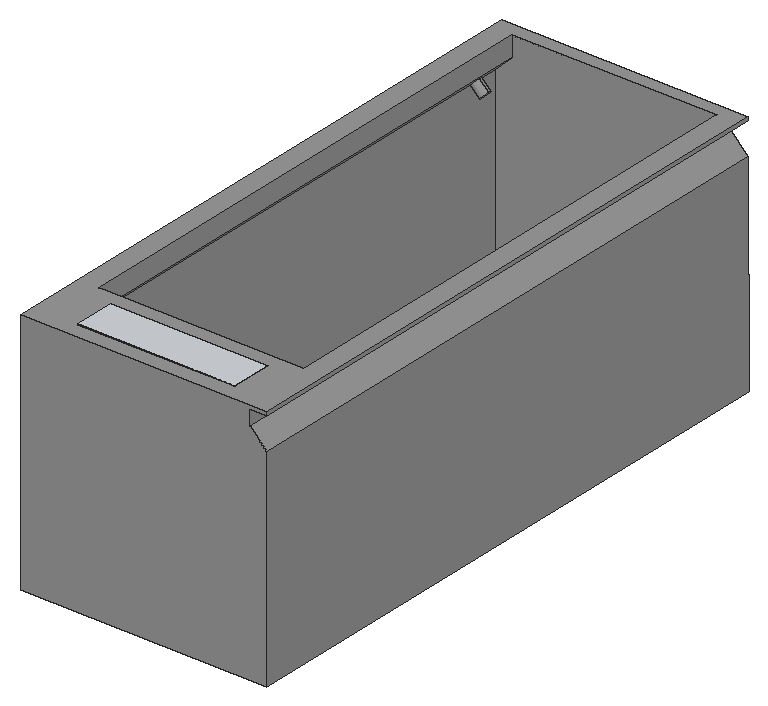
Revit family "Shower_Cabinet-Willoughby-US-3636-FA-L", category Plumbing Fixtures, Revit 2015
Parameters (values of type "Standard")
  Waste Radius = Waste DIA / 2  # 1"
  Waste DIA = 2"
  Waste Connection = yes
  Vent Connection = no
  URL = "https://www.willoughby-ind.com/wp-content/uploads/2018/01/US-3636-FA.pdf"
  Revision = "A"
  Model = "US-3636-FA-L"
  Manufacturer = "Willoughby Industries"
  HW Connection = no
  HCW Inlet RAD = HCW Inlet DIA / 2  # 1/4"
  HCW Inlet DIA = 1/2"
  HCW Connection = yes
  Fixture Body = Stainless Steel AISI 304-Willoughby
  Description = "US 36\" X 36\" Cabinet Shower Front Access, Left Hand"
  Default Elevation = 0' - 0"
  Contact info = "(800) 428-4065"
  CW Connection = no
Reference planes (in)
  plane 1 "Center (Front/Back)": y = 0
  plane 2: z = 0
  plane 3 "Center (Left/Right)": x = 0
  plane 4: y = 88
  plane 5: x = -18
  plane 6: x = 18
  plane 7: z = 36
  plane 8: z = 18
  plane 9 "Waste Height": y = 6.5
Forms (in)
  Extrusion 1, solid, material "Stainless Steel AISI 304-Willoughby" <- "Fixture Body"
    sketch origin (0, 0, 0) x (1, 0, 0) y (0, 0, 1)
      loop
        line (-18, 0) -> (18, 0) -> (18, 30.70711) -> (15.5, 33.20711) -> (15.5, 35.5) -> (18, 35.5) -> (18, 36) -> (-18, 36) -> (-18, 0)
    from 0 to -88
  Extrusion 2, void, detail levels fine
    sketch origin (0, 0, 0) x (1, 0, 0) y (0, 0, 1)
      loop
        line (17.5, 0.5) -> (17.5, 30.5) -> (15, 33) -> (15, 36) -> (-15, 36) -> (-15, 33) -> (-17.5, 30.5) -> (-17.5, 0.5) -> (17.5, 0.5)
    from -10.5 to -86
  Extrusion 3, void, detail levels fine
    sketch origin (0, 0, 0) x (1, 0, 0) y (0, 0, 1)
      loop
        line (17.5, 0.5) -> (17.5, 30.5) -> (15, 33) -> (-15, 33) -> (-17.5, 30.5) -> (-17.5, 0.5) -> (17.5, 0.5)
    from -9 to -10.5
  Extrusion 4, void, detail levels fine
    sketch origin (0.89838, 0, 3.72188) x (1, 0, 0) y (0, 0, 1)
      loop
        circle (-0.89838, 14.27812) r 2
    from -8.61062 to -9
  Extrusion 5, solid, material "Stainless Steel AISI 304-Willoughby" <- "Fixture Body", detail levels fine
    sketch origin (0, 0, 0) x (1, 0, 0) y (0, 1, 0)
      loop
        circle (0, 6.5) r 1
    from 0 to 5.55813
  Extrusion 6, solid, material "Stainless Steel AISI 304-Willoughby" <- "Fixture Body"
    sketch origin (-17.12132, 0, 30.87868) x (-0.707107, 0, -0.707107) y (0, 1, 0)
      loop
        circle (-1.23223, 81) r 0.75
    from 0 to 2
  Extrusion 7, solid
    sketch origin (0, 0, 0) x (1, 0, 0) y (0, 0, 1)
      loop
        line (0, 36) -> (11.5, 36) -> (11.5, 36.075) -> (-11.5, 36.075) -> (-11.5, 36) -> (0, 36)
    from -2.375 to -8.375
Cuts and joins
  Extrusion 2, Extrusion 3, Extrusion 4 cuts Extrusion 1
Lines and regions (in)
  model lines, detail levels coarse+medium
    curve 1: line (-18, 0, 0) -> (18, 0, 0)
    curve 2: line (18, 0, 0) -> (18, 0, 36)
    curve 3: line (18, 0, 36) -> (-18, 0, 36)
    curve 4: line (-18, 0, 36) -> (-18, 0, 35.5)
    curve 5: line (-18, 0, 35.5) -> (-15.5, 0, 35.5)
    curve 6: line (-15.5, 0, 35.5) -> (-15.5, 0, 33.20711)
    curve 7: line (-15.5, 0, 33.20711) -> (-18, 0, 30.70711)
    curve 8: line (-18, 0, 30.70711) -> (-18, 0, 0)
    curve 24: line (0, 88, 0) -> (0, 88, 36)
    curve 25: line (0, 0, 36) -> (0, 0, 0)
  model lines, detail levels medium
    curve 9: line (-15, 0, 36) -> (-15, 0, 33)
    curve 10: line (-15, 0, 33) -> (-17.5, 0, 30.5)
    curve 11: line (-17.5, 0, 30.5) -> (-17.5, 0, 0.5)
    curve 12: line (-17.5, 0, 0.5) -> (17.5, 0, 0.5)
    curve 13: line (17.5, 0, 0.5) -> (17.5, 0, 30.5)
    curve 14: line (17.5, 0, 30.5) -> (15, 0, 33)
    curve 15: line (15, 0, 33) -> (15, 0, 36)
    curve 16: line (15.36612, 0, 29.80546) -> (14.30546, 0, 30.86612)
    curve 17: line (14.30546, 0, 30.86612) -> (15.71967, 0, 32.28033)
    curve 18: line (15.36612, 0, 29.80546) -> (16.78033, 0, 31.21967)
    curve 19: circle (0, 0, 18) r 2 normal (0, -1, 0)
    curve 20: line (15, 0, 33) -> (-15, 0, 33)
    curve 21: line (0.75, 0, 0.87743) -> (-0.75, 0, 0.87743)
    curve 22: line (-0.75, 0, 0.87743) -> (-0.75, 0, 0.5)
    curve 23: line (0.75, 0, 0.87743) -> (0.75, 0, 0.5)
    curve 26: line (0, 10.5, 36) -> (0, 10.5, 33)
    curve 27: line (0, 9, 33) -> (0, 9, 0.5)
    curve 28: line (0, 86, 0.5) -> (0, 86, 36)
    curve 29: line (0, 51.75, 0.87743) -> (0, 50.25, 0.87743)
    curve 30: line (0, 50.25, 0.87743) -> (0, 50.25, 0.5)
    curve 31: line (0, 51.75, 0.87743) -> (0, 51.75, 0.5)
    curve 32: spline (0, 80.25, 31.75) -> (0, 80.27556, 31.88726) -> (0, 80.35048, 32.01517) -> (0, 80.46967, 32.125) -> (0, 80.625, 32.20928) -> (0, 80.80589, 32.26226) -> (0, 81, 32.28033) -> (0, 81.19411, 32.26226) -> (0, 81.375, 32.20928) -> (0, 81.53033, 32.125) -> (0, 81.64952, 32.01517) -> (0, 81.72444, 31.88726) -> (0, 81.75, 31.75)
    curve 33: spline (0, 80.25, 30.33579) -> (0, 80.27556, 30.19853) -> (0, 80.35048, 30.07062) -> (0, 80.46967, 29.96079) -> (0, 80.625, 29.87651) -> (0, 80.80589, 29.82353) -> (0, 81, 29.80546) -> (0, 81.19411, 29.82353) -> (0, 81.375, 29.87651) -> (0, 81.53033, 29.96079) -> (0, 81.64952, 30.07062) -> (0, 81.72444, 30.19853) -> (0, 81.75, 30.33579)
    curve 34: line (0, 80.25, 30.33579) -> (0, 80.25, 31.75)
    curve 35: line (0, 81.75, 31.75) -> (0, 81.75, 30.33579)
    curve 36: line (0, 81.75, 30.5) -> (0, 86, 30.5)
    curve 37: spline (0, 81.75, 30.33579) -> (0, 81.72444, 30.47301) -> (0, 81.64952, 30.60088) -> (0, 81.53033, 30.71069) -> (0, 81.375, 30.79495) -> (0, 81.19411, 30.84791) -> (0, 81, 30.86598) -> (0, 80.80589, 30.84791) -> (0, 80.625, 30.79495) -> (0, 80.46967, 30.71069) -> (0, 80.35048, 30.60088) -> (0, 80.27556, 30.47301) -> (0, 80.25, 30.33579)
  symbolic lines
    curve 38: line (-18, 0, 0) -> (-18, 88, 0)
    curve 39: line (-18, 88, 0) -> (18, 88, 0)
    curve 40: line (18, 88, 0) -> (18, 0, 0)
    curve 41: line (18, 0, 0) -> (-18, 0, 0)
    curve 54: line (-18, 0, 0) -> (18, 0, 0)
    curve 55: line (18, 0, 0) -> (18, 0, 36)
    curve 56: line (18, 0, 36) -> (-18, 0, 36)
    curve 57: line (-18, 0, 36) -> (-18, 0, 35.5)
    curve 58: line (-18, 0, 35.5) -> (-15.5, 0, 35.5)
    curve 59: line (-15.5, 0, 35.5) -> (-15.5, 0, 33.20711)
    curve 60: line (-15.5, 0, 33.20711) -> (-18, 0, 30.70711)
    curve 61: line (-18, 0, 30.70711) -> (-18, 0, 0)
    curve 62: line (0, 0, 0) -> (0, 88, 0)
    curve 63: line (0, 88, 0) -> (0, 88, 36)
    curve 64: line (0, 88, 36) -> (0, 0, 36)
    curve 65: line (0, 0, 36) -> (0, 0, 0)
    curve 66: line (0, 0, 30.70711) -> (0, 88, 30.70711)
    curve 67: line (0, 88, 33.20711) -> (0, 0, 33.20711)
    curve 68: line (0, 0, 35.5) -> (0, 88, 35.5)
  symbolic lines, detail levels medium+fine
    curve 42: line (-17.5, 9, 0) -> (-17.5, 86, 0)
    curve 43: line (-17.5, 86, 0) -> (17.5, 86, 0)
    curve 44: line (17.5, 86, 0) -> (17.5, 9, 0)
    curve 45: line (17.5, 9, 0) -> (-17.5, 9, 0)
    curve 46: line (-15.5, 0, 0) -> (-15.5, 88, 0)
    curve 47: line (-15, 9, 0) -> (-15, 86, 0)
    curve 48: line (15, 86, 0) -> (15, 9, 0)
    curve 49: line (15, 10.5, 0) -> (-15, 10.5, 0)
  symbolic lines, detail levels fine
    curve 50: circle (0, 51, 0) r 0.75 normal (0, 0, 1)
    curve 51: line (15, 81.75, 0) -> (14.75, 81.75, 0)
    curve 52: line (15, 80.25, 0) -> (14.75, 80.25, 0)
    curve 53: spline (14.75, 81.75, 0) -> (14.63494, 81.72444, 0) -> (14.52773, 81.64952, 0) -> (14.43566, 81.53033, 0) -> (14.36501, 81.375, 0) -> (14.3206, 81.19411, 0) -> (14.30546, 81, 0) -> (14.3206, 80.80589, 0) -> (14.36501, 80.625, 0) -> (14.43566, 80.46967, 0) -> (14.52773, 80.35048, 0) -> (14.63494, 80.27556, 0) -> (14.75, 80.25, 0)
Dimensions and locks (in)
  plane 3 "Center (Left/Right)" to plane 5 = 1' - 6"
  plane 6 to plane 3 "Center (Left/Right)" = 1' - 6"
  plane 4 to cut or joined group of Extrusion 1, Extrusion 2, Extrusion 3, Extrusion 4 = 0' - 2"
  cut or joined group of Extrusion 1, Extrusion 2, Extrusion 3, Extrusion 4 to cut or joined group of Extrusion 1, Extrusion 2, Extrusion 3, Extrusion 4 = 0' - 10 1/2"
  cut or joined group of Extrusion 1, Extrusion 2, Extrusion 3, Extrusion 4 to plane 6 = 0' - 0 1/2"
  locked: cut or joined group of Extrusion 1, Extrusion 2, Extrusion 3, Extrusion 4 to cut or joined group of Extrusion 1, Extrusion 2, Extrusion 3, Extrusion 4 at 3
  cut or joined group of Extrusion 1, Extrusion 2, Extrusion 3, Extrusion 4 to plane 1 "Center (Front/Back)" = 0' - 9"
  level to plane 8 = 1' - 6"
  plane 1 "Center (Front/Back)" to plane 9 "Waste Height" = 0' - 6 1/2"
  plane 1 "Center (Front/Back)" to plane 4 = 7' - 4"
  locked: plane 9 "Waste Height" to cut or joined group of Extrusion 1, Extrusion 2, Extrusion 3, Extrusion 4 at 2.5
  locked: plane 5 to plane 6 at 36
  angle cut or joined group of Extrusion 1, Extrusion 2, Extrusion 3, Extrusion 4 to cut or joined group of Extrusion 1, Extrusion 2, Extrusion 3, Extrusion 4 = 135.00°
  aligned and locked: Extrusion 1 to plane 4
  aligned: plane 5 to Extrusion 1
  aligned and locked: plane 7 to Extrusion 1
  aligned and locked: cut or joined group of Extrusion 1, Extrusion 2, Extrusion 3, Extrusion 4 to cut or joined group of Extrusion 1, Extrusion 2, Extrusion 3, Extrusion 4  (x3)
  aligned and locked: curve 19 to cut or joined group of Extrusion 1, Extrusion 2, Extrusion 3, Extrusion 4
  aligned and locked: level to cut or joined group of Extrusion 1, Extrusion 2, Extrusion 3, Extrusion 4
Connectors (in)
  piping at (0, 6.5, 0), diameter 2, driven by "Waste Connection"
    settings: on Extrusion 5, index 2, connector inside diameter 2", connector length 0' - 0", flow factor 0, pipe flow 0 GPM, pressure drop 0.00 psi, fitting loss kfactor 0, connector angle 0.00°, fixture units 0, engagement length 0' - 0", angle of deflection 0.00°, flow configuration 0, flow direction 2, fitting loss method 0, system type 16, joint type 0, gender type 0, connector reference index -1, connector utility 1, adjustable connector yes, is connector primary yes, connector description "Shower Drain"
